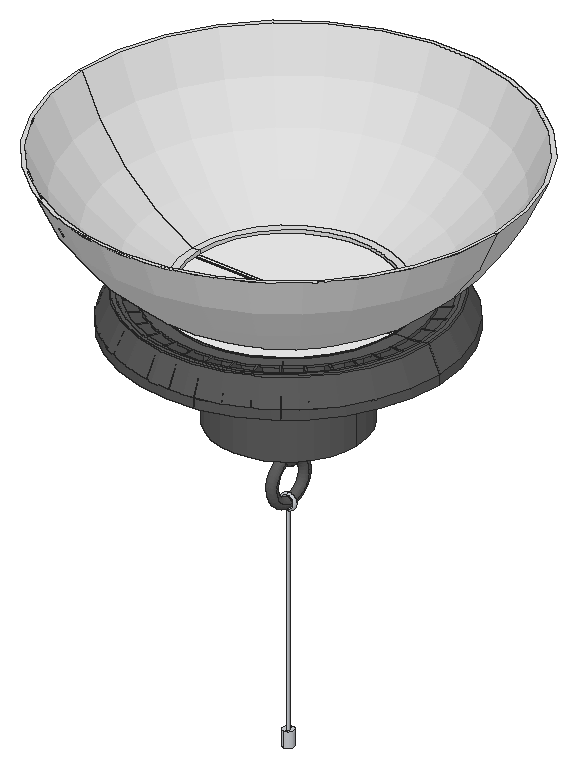
Revit family "0039348+0039356 Feilo Sylvania Lighting Fixture START HIGHBAY 4K 19KLM WIDE with ALU SHADE ALU COLOR FOR 13_19KLM", category Lighting Fixtures, host Face, Revit 2017
Family settings
  Host = Face
  Round Connector Dimension = Use Diameter
  Part Type = Normal
  OmniClass Number = 23.80.70.00
  OmniClass Title = Lighting
  Cut with Voids When Loaded = No
  Light Source = Yes
  Shared = No
  Room Calculation Point = No
Parameters (values of type "0039348+0039356 START HIGHBAY 4K 19KLM WIDE ALU SHADE ALU COLOR FOR 13/19KLM")
  WidthStraight_FEILO = if(SizeS_FEILO, 3 mm, if(SizeM_FEILO, 4 mm, 4.7 mm))  # 4 mm
  WidthRingChamfer_FEILO = if(SizeS_FEILO, 10.3 mm, if(SizeM_FEILO, 11.2 mm, 12.9 mm))  # 11.2 mm
  WidthCurved_FEILO = if(SizeS_FEILO, 17.4 mm, if(SizeM_FEILO, 16.4 mm, 26.2 mm))  # 16.4 mm
  WidthCurvedRing_FEILO = if(SizeS_FEILO, 3 mm, if(SizeM_FEILO, 4 mm, 4.7 mm))  # 4 mm
  WidthBracket_FEILO = 40 mm
  Weight = "3.4 kg"
  Wattage Comments = ""
  Wattage = 150 W
  WarrantyStartDate [instance] = "n/a"
  WarrantyGuarantorParts = "n/a"
  WarrantyDurationUnit = "n/a"
  WarrantyDurationParts = "n/a"
  WarrantyDescription = "n/a"
  built-in parameter 1150110 = 1 (stored number, unit not read)
  Voltage = 230 V
  VisibilityBracket_FEILO = no
  URL = "http://www.sylvania-lighting.com"
  TypeName = "START HIGHBAY 4K 19KLM WIDE ALU SHADE ALU COLOR FOR 13/19KLM"
  Type Image = <None>
  Type Comments = "n/a"
  built-in parameter 1114217 = 1 (stored number, unit not read)
  Tilt Angle = -90.00°
  ThicknessWall_FEILO = 1.5 mm
  ThicknessBracket_FEILO = 1.5 mm
  ThicknessBracketHalf_FEILO = ThicknessBracket_FEILO / 2  # 0.75 mm
  built-in parameter 1150109 = 1 (stored number, unit not read)
  built-in parameter 1150134 = 12
  SuspensionHeight_FEILO [instance] = 400 mm
  built-in parameter 1150113 = 1 (stored number, unit not read)
  SizeS_FEILO = no
  SizeM_FEILO = yes
  ShadeThickness_FEILO = 3 mm
  ShadeSizeSM_FEILO = or(SizeS_FEILO, SizeM_FEILO)  # yes
  ShadeRadiusOut_FEILO = 205 mm
  ShadeRadiusIn_FEILO = if(ShadeSizeSM_FEILO, 95 mm, 121 mm)  # 95 mm
  ShadeRadiusBend_FEILO = if(ShadeSizeSM_FEILO, 210 mm, 210 mm)  # 210 mm
  ShadeHeight_FEILO = if(ShadeSizeSM_FEILO, 120 mm, 151 mm)  # 120 mm
  SerialNumber [instance] = "n/a"
  Rib4_FEILO = if(SizeS_FEILO, 18.1 mm, if(SizeM_FEILO, 13.6 mm, 14.6 mm))  # 13.6 mm
  Rib3_FEILO = if(SizeS_FEILO, 15.3 mm, if(SizeM_FEILO, 17.6 mm, 20.2 mm))  # 17.6 mm
  Rib2_FEILO = if(SizeS_FEILO, 3.6 mm, if(SizeM_FEILO, 3.9 mm, 4.5 mm))  # 3.9 mm
  Rib1_FEILO = if(SizeS_FEILO, 15.1 mm, if(SizeM_FEILO, 16.5 mm, 19 mm))  # 16.5 mm
  RadiusDiffuser_FEILO = if(SizeS_FEILO, 95.2 mm, if(SizeM_FEILO, 105.3 mm, 120 mm))  # 105.3 mm
  RadiusArrayPost_FEILO = DriverRadius_FEILO - 6 mm  # 61.2 mm
  RHRadius3_FEILO = if(SizeS_FEILO, 6.6 mm, if(SizeM_FEILO, 7.4 mm, 8.6 mm))  # 7.4 mm
  RHRadius2_FEILO = if(SizeS_FEILO, 11 mm, if(SizeM_FEILO, 12 mm, 14 mm))  # 12 mm
  RHRadius1_FEILO = if(SizeS_FEILO, 13.6 mm, if(SizeM_FEILO, 14.9 mm, 17.7 mm))  # 14.9 mm
  RHHeight4_FEILO = if(SizeS_FEILO, 7.3 mm, if(SizeM_FEILO, 8 mm, 9.2 mm))  # 8 mm
  RHHeight3_FEILO = if(SizeS_FEILO, 3.6 mm, if(SizeM_FEILO, 3.7 mm, 4.6 mm))  # 3.7 mm
  RHHeight2_FEILO = if(SizeS_FEILO, 2 mm, if(SizeM_FEILO, 2.2 mm, 2.6 mm))  # 2.2 mm
  RHHeight1_FEILO = if(SizeS_FEILO, 11.8 mm, if(SizeM_FEILO, 15.3 mm, 17.4 mm))  # 15.3 mm
  Photometric Web File = "0039348+0039356.ies"
  Material_5_FEILO = Shade-Sylvania-StartHighbay-Alu
  Material_3_FEILO = LED-Sylvania-StartHighbay-Glow
  PowerFactor = 0.95
  PowerConsumption = "150 W"
  NominalLength = 296 mm
  NominalHeight = 177 mm
  NominalDepth = 296 mm
  Name = "START HIGHBAY 4K 19KLM WIDE ALU SHADE ALU COLOR FOR 13/19KLM"
  ModelReference = Name  # "START HIGHBAY 4K 19KLM WIDE ALU SHADE ALU COLOR FOR 13/19KLM"
  ModelNumber = "0039348+0039356"
  Model = Name  # "START HIGHBAY 4K 19KLM WIDE ALU SHADE ALU COLOR FOR 13/19KLM"
  Material = "aluminium alloy housing, polycarbonate diffuser"
  ManufacturerName = "Feilo Sylvania"
  Manufacturer = "Feilo Sylvania"
  LuminousEfficacy = "130 lm/W"
  built-in parameter 1150105 = 11152.5 (stored number, unit not read)
  Lumens = 19500 lm
  LuminaireType = ""
  built-in parameter 1150115 = 1 (stored number, unit not read)
  LightOutputRatio = "n/a"
  built-in parameter 1150137 = (empty or 0)
  built-in parameter 1150139 = (empty or 0)
  LampsType = Lamp  # "LED"
  LampNominalLuminous = "19500 lm"
  LampMacAdamStep = "n/a"
  LampColourTemperature = "4000 K"
  LampColourRenderingIndex = "80"
  built-in parameter 1150112 = 1 (stored number, unit not read)
  built-in parameter 1150114 = 1 (stored number, unit not read)
  Lamp = "LED"
  Keynote = "16500"
  InstallationDate [instance] = "n/a"
  InputVoltage = "220-240V~"
  InputNominalFrequency = "50/60 Hz"
  built-in parameter 1150132 = (empty or 0)
  built-in parameter 1150102 = (empty or 0)
  built-in parameter 1150107 = 4000 (stored number, unit not read)
  built-in parameter 1150138 = (empty or 0)
  IngressProtection = "IP65"
  ImpactProtectionIndex = "IK08"
  built-in parameter 1150106 = 111.52 (stored number, unit not read)
  IfcExportType = "IfcLightFixtureType"
  IfcExportAs = "IfcLightFixtureType"
  HeightRing_FEILO = if(SizeS_FEILO, 19.8 mm, if(SizeM_FEILO, 32 mm, 36.8 mm))  # 32 mm
  HeightRingChamfer_FEILO = if(SizeS_FEILO, 11.7 mm, if(SizeM_FEILO, 23.2 mm, 26.6 mm))  # 23.2 mm
  EyeThickness_FEILO = if(SizeS_FEILO, 8.4 mm, if(SizeM_FEILO, 9.2 mm, 10.5 mm))  # 9.2 mm
  EyeThicknessHalf_FEILO = EyeThickness_FEILO / 2  # 4.6 mm
  EyeInner_FEILO = if(SizeS_FEILO, 13.8 mm, if(SizeM_FEILO, 15.1 mm, 17.3 mm))  # 15.1 mm
  ExpectedLife = 50000
  Emit from Circle Diameter = RadiusDiffuser_FEILO * 2  # 210.6 mm
  Emit Shape Visible in Rendering = no
  ElectricShockClassification = "Class I"
  built-in parameter 1150104 = 12.077 (stored number, unit not read)
  DurationUnit = "hours"
  DriverVerticalStraight_FEILO = if(SizeS_FEILO, 46.5 mm, if(SizeM_FEILO, 49.7 mm, 57 mm))  # 49.7 mm
  DriverVerticalChamfer_FEILO = if(SizeS_FEILO, 7.5 mm, if(SizeM_FEILO, 8.2 mm, 9.5 mm))  # 8.2 mm
  DriverRadius_FEILO = if(SizeS_FEILO, 61.4 mm, if(SizeM_FEILO, 67.2 mm, 76.4 mm))  # 67.2 mm
  DriverRadiusTop_FEILO = if(SizeS_FEILO, 42 mm, if(SizeM_FEILO, 45.3 mm, 52.4 mm))  # 45.3 mm
  DriverBottom_FEILO = if(SizeS_FEILO, 56 mm, if(SizeM_FEILO, 64.5 mm, 74 mm))  # 64.5 mm
  DocumentationLiterature = "http://www.sylvania-lighting.com/product/en-int/products/0039348"
  DimmingControlOptions = "n/a"
  Material_2_FEILO = Diffuser-Sylvania-StartHighbay-Transparent
  Radius_FEILO = if(SizeS_FEILO, 135 mm, if(SizeM_FEILO, 148 mm, 169.5 mm))  # 148 mm
  Dimming Lamp Color Temperature Shift = <None>
  DiameterWire_FEILO = 3 mm
  DiameterWireSupport_FEILO = 10 mm
  Description = "START HIGHBAY, includes 1 m cables, black aluminium housing, 19500LM, 150W, 130lm/W, 4000K, Driver current: 3210mA, CR80, 90° beam angle, 1-10V dimmable,  IP65, IK08, 50,000 hrs (L70B50), (LxWxH) 296x296x177mm"
  Default Elevation = 1219.2 mm
  CreatedOn = "2/28/2018"
  CreatedBy = ""
  Cost = 0
  Color Filter = 16777215
  built-in parameter 1114216 [instance] = (empty or 0)
  ClassificationValue = "EF_70_80"
  ClassificationName = "Uniclass2015"
  Material_1_FEILO = Body-Sylvania-StartHighbay-Black
  BarCode [instance] = "n/a"
  built-in parameter 1114218 = 1 (stored number, unit not read)
  built-in parameter 1150133 = 10 (stored number, unit not read)
  AssetType = "Fixed"
  AssetIdentifier [instance] = "n/a"
  Assembly Code = "D5020200"
  Apparent Load = 150 VA
  Material_4_FEILO = Shade-Sylvania-StartHighbay-Alu
Reference planes
  plane 1 "Center (Front/Back)": y = 0
  plane 2: z = 0
  plane 3 "Center (Left/Right)": x = 0
  plane 4: z = 400
  plane 5: x = -148
  plane 6: x = -136.8
  plane 7: z = 376.8
  plane 8: z = 368
  plane 9: x = -132.8
  plane 10: z = 397.375
  plane 11: x = -116.4
  plane 12: x = -105.3
  plane 13: x = -128.8
  plane 14: z = 398.375
  plane 15: z = 396.375
  plane 16: x = -102.3
  plane 17: z = 395.375
  plane 18: x = -146.5
  plane 19: x = -131.5
  plane 20: z = 364.1
  plane 21: x = -113.9
  plane 22: z = 350.5
  plane 23: x = -20
  plane 24: z = 335.5
  plane 25: x = -67.2
  plane 26: z = 285.8
  plane 27: x = -45.3
  plane 28: z = 277.6
  plane 29: x = -14.9
  plane 30: z = 262.3
  plane 31: z = 260.1
  plane 32: x = -12
  plane 33: z = 256.4
  plane 34: z = 248.4
  plane 35: x = -7.4
  plane 36: z = 233.3
  plane 37: z = 218.2
  plane 38: x = 4.6
  plane 39: x = -4.6
  plane 40: z = 209
  plane 41: z = 213.6
  plane 42: x = -141.65
  plane 43: x = -145.5
  plane 44: z = 366.5
  plane 45: x = -135.3
  plane 46: z = 310.65
  plane 47: y = -20
  plane 48: y = 20
  plane 49: x = 148
  plane 50: x = 136.8
  plane 51: x = 146.5
  plane 52: x = 141.65
  plane 53: x = 145.5
  plane 54: x = 135.3
  plane 55: z = 221.2
  plane 56: y = 1.5
  plane 57: y = -1.5
  plane 58: z = 219.7
  plane 59: z = 207.5
  plane 60: z = 206
  plane 61: y = -5
  plane 62: y = 5
  plane 63: z = 14
  plane 64: x = -205
  plane 65: z = 520
  plane 66: x = -95
  plane 67: x = -87
  plane 68: x = -202
  plane 69: z = 403
Forms (mm)
  Revolve 1, solid, material "Body-Sylvania-StartHighbay-Black" <- "Material_1_FEILO", detail levels medium+fine
    sketch origin (0, 0, 0) x (1, 0, 0) y (0, 0, 1)
      loop
        line (-148, 368) -> (-146.5, 368) -> (-146.5, 376.457) -> (-136.402, 397.375) -> (-128.8, 397.375) -> (-128.8, 398.859)
        arc (-128.8, 398.859) -> (-130.811, 399.39) -> (-132.8, 400) r 52.543
        line (-132.8, 400) -> (-136.341, 400)
        arc (-136.341, 400) -> (-136.831, 399.825) -> (-137.099, 399.38) r 0.774
        line (-137.099, 399.38) -> (-148, 376.8) -> (-148, 368)
      axis (0, 400) -> (0, 368)
    angle from 360 to 0
  Revolve 2, solid, material "Body-Sylvania-StartHighbay-Black" <- "Material_1_FEILO", detail levels medium+fine
    sketch origin (0, 0, 0) x (1, 0, 0) y (0, 0, 1)
      loop
        line (-116.4, 395.375) -> (-105.3, 395.375) -> (-105.3, 376.8) -> (0, 376.8) -> (0, 395.375) -> (-102.3, 395.375) -> (-102.3, 396.375) -> (-105.3, 396.375) -> (-105.3, 397.375) -> (-116.4, 397.375) -> (-116.4, 395.375)
      axis (0, 397.375) -> (0, 376.8)
    angle from 360 to 0
  Revolve 3, solid, material "Diffuser-Sylvania-StartHighbay-Transparent" <- "Material_2_FEILO", detail levels medium+fine
    sketch origin (0, 0, 0) x (1, 0, 0) y (0, 0, 1)
      loop
        line (-105.3, 396.375) -> (0, 396.375) -> (0, 398.375) -> (-105.3, 398.375) -> (-105.3, 396.375)
      axis (0, 398.375) -> (0, 396.375)
    angle from 360 to 0
  Revolve 4, solid, material "Body-Sylvania-StartHighbay-Black" <- "Material_1_FEILO"
    sketch origin (0, 0, 0) x (1, 0, 0) y (0, 0, 1)
      loop
        line (-67.2, 350.5) -> (-67.2, 285.8) -> (-45.3, 277.6) -> (-14.9, 277.6) -> (-14.9, 262.3) -> (-12, 260.1) -> (-12, 256.4) -> (-7.837, 249.126)
        arc (-7.837, 249.126) -> (-7.29, 248.594) -> (-6.553, 248.4) r 1.5
        line (-6.553, 248.4) -> (0, 248.4) -> (0, 350.5) -> (-67.2, 350.5)
      axis (0, 350.5) -> (0, 248.4)
    angle from 360 to 0
  Revolve 5, solid, material "Body-Sylvania-StartHighbay-Black" <- "Material_1_FEILO"
    sketch origin (0, 0, 0) x (1, 0, 0) y (0, 0, 1)
      loop
        circle (0, 213.6) r 4.6
      axis (4.6, 233.3) -> (-4.6, 233.3)
    angle from 360 to 0
  Extrusion 6, solid, material "Body-Sylvania-StartHighbay-Black" <- "Material_1_FEILO", visible <- "VisibilityBracket_FEILO"
    sketch origin (0, 0, 0) x (1, 0, 0) y (0, 0, 1)
      loop
        line (-145.5, 368) -> (-145.5, 366.5) -> (-137.55, 366.5)
        arc (-137.55, 366.5) -> (-137.02, 366.28) -> (-136.8, 365.75) r 0.75
        line (-136.8, 365.75) -> (-136.8, 310.65) -> (-135.3, 310.65) -> (-135.3, 366.5)
        arc (-135.3, 366.5) -> (-135.739, 367.561) -> (-136.8, 368) r 1.5
        line (-136.8, 368) -> (-145.5, 368)
      loop
        line (145.5, 368) -> (136.8, 368)
        arc (136.8, 368) -> (135.739, 367.561) -> (135.3, 366.5) r 1.5
        line (135.3, 366.5) -> (135.3, 310.65) -> (136.8, 310.65) -> (136.8, 365.75)
        arc (136.8, 365.75) -> (137.02, 366.28) -> (137.55, 366.5) r 0.75
        line (137.55, 366.5) -> (145.5, 366.5) -> (145.5, 368)
    from -20 to 20
  Extrusion 7, void
    sketch origin (0, 0, 0) x (0, 1, 0) y (0, 0, 1)
      loop
        arc (-10, 310.65) -> (-17.071, 313.579) -> (-20, 320.65) r 10
        line (-20, 320.65) -> (-25, 320.65) -> (-25, 305.65) -> (-10, 305.65) -> (-10, 310.65)
      loop
        line (10, 310.65) -> (10, 305.65) -> (25, 305.65) -> (25, 320.65) -> (20, 320.65)
        arc (20, 320.65) -> (17.071, 313.579) -> (10, 310.65) r 10
    from -136.8 to 136.8
  Revolve 8, solid, material "Body-Sylvania-StartHighbay-Black" <- "Material_1_FEILO", detail levels coarse
    sketch origin (0, 0, 0) x (1, 0, 0) y (0, 0, 1)
      loop
        line (0, 400) -> (-136.8, 400) -> (-148, 376.8) -> (-148, 368) -> (-131.5, 368) -> (-131.5, 364.1) -> (-113.9, 350.5) -> (0, 350.5) -> (0, 400)
      axis (0, 400) -> (0, 350.5)
    angle from 360 to 0
  Revolve 9, solid
    sketch origin (0, 0, 0) x (0, 1, 0) y (0, 0, 1)
      loop
        circle (0, 219.7) r 1.5
      axis (1.5, 213.6) -> (-1.5, 213.6)
    angle from 360 to 0
  Revolve 10, solid
    sketch origin (0, 0, 0) x (0, 1, 0) y (0, 0, 1)
      loop
        line (0, 0) -> (0, 207.5) -> (-1.5, 207.5) -> (-1.5, 14) -> (-5, 14) -> (-5, 0) -> (0, 0)
      axis (0, 0) -> (0, 207.5)
    angle from 360 to 0
  Revolve 11, solid, material "Shade-Sylvania-StartHighbay-Alu" <- "Material_4_FEILO"
    sketch origin (0, 0, 0) x (1, 0, 0) y (0, 0, 1)
      loop
        line (-95, 400) -> (-87, 400) -> (-87, 403) -> (-94.341, 403)
        arc (-94.341, 403) -> (-159.747, 450.78) -> (-201.81, 520) r 207
        line (-201.81, 520) -> (-205, 520)
        arc (-205, 520) -> (-162.101, 448.908) -> (-95, 400) r 210
      axis (0, 520) -> (0, 400)
    angle from 360 to 0
Cuts and joins
  Extrusion 7 cuts Extrusion 6
Lines and regions (mm)
  reference lines
    curve 1: line (-148, 0, 376.8) -> (-136.8, 0, 400)
    curve 2: line (-116.4, 0, 397.375) -> (0, 0, 397.375)
    curve 3: arc (-116.4, 0, 397.375) -> (-124.704, 0, 398.035) -> (-132.8, 0, 400) r 52.543
    curve 4: line (-136.8, 0, 400) -> (-132.8, 0, 400)
    curve 5: line (-136.402, 0, 397.375) -> (-146.5, 0, 376.457)
    curve 6: line (-131.5, 0, 364.1) -> (-113.9, 0, 350.5)
    curve 7: line (-12, 0, 256.4) -> (-7.4, 0, 248.4)
    curve 8: circle (0, 0, 213.6) r 4.6 normal (0, -1, 0)
    curve 9: arc (-95, 0, 400) -> (-162.101, 0, 448.908) -> (-205, 0, 520) r 210
Dimensions and locks
  "Radius_FEILO": plane 3 "Center (Left/Right)" to plane 5
  "WidthRingChamfer_FEILO": plane 6 to plane 5
  "WidthStraight_FEILO": plane 9 to plane 6
  "WidthCurvedRing_FEILO": plane 13 to plane 9
  locked: plane 10 to plane 15 at 1
  locked: plane 14 to plane 10 at 1
  locked: plane 4 to plane 10 at 2.625
  locked: plane 15 to plane 17 at 1
  "ThicknessWall_FEILO": plane 18 to plane 5
  "ThicknessWall_FEILO": curve 5 to curve 1
  "HeightRingChamfer_FEILO": plane 4 to plane 7
  "HeightRing_FEILO": plane 4 to plane 8
  "RadiusDiffuser_FEILO": plane 3 "Center (Left/Right)" to plane 12
  locked: plane 16 to plane 12 at 3
  "WidthCurved_FEILO": plane 11 to plane 9
  "SuspensionHeight_FEILO": plane 4 to plane 2
  "Rib1_FEILO": plane 19 to plane 5
  "Rib2_FEILO": plane 8 to plane 20
  "Rib3_FEILO": plane 21 to plane 19
  "Rib4_FEILO": plane 20 to plane 22
  locked: plane 3 "Center (Left/Right)" to plane 23 at 20
  "DriverBottom_FEILO": plane 4 to plane 24
  "DriverRadius_FEILO": plane 3 "Center (Left/Right)" to plane 25
  "DriverVerticalStraight_FEILO": plane 24 to plane 26
  "DriverRadiusTop_FEILO": plane 3 "Center (Left/Right)" to plane 27
  "DriverVerticalChamfer_FEILO": plane 26 to plane 28
  "RHRadius1_FEILO": plane 3 "Center (Left/Right)" to plane 29
  "RHHeight2_FEILO": plane 30 to plane 31
  "RHRadius2_FEILO": plane 3 "Center (Left/Right)" to plane 32
  "RHHeight3_FEILO": plane 31 to plane 33
  "RHHeight4_FEILO": plane 33 to plane 34
  "RHRadius3_FEILO": plane 3 "Center (Left/Right)" to plane 35
  "RHHeight1_FEILO": plane 28 to plane 30
  "EyeInner_FEILO": plane 34 to plane 36
  "EyeInner_FEILO": plane 36 to plane 37
  equal spacing: plane 38, plane 3 "Center (Left/Right)", plane 39
  "EyeThickness_FEILO": plane 38 to plane 39
  "EyeThickness_FEILO": plane 37 to plane 40
  equal spacing: plane 37, plane 41, plane 40
  equal spacing: plane 6, plane 42, plane 18
  "ThicknessBracket_FEILO": plane 45 to plane 6
  "ThicknessBracket_FEILO": plane 8 to plane 44
  locked: plane 43 to plane 18 at 1
  equal spacing: plane 24, plane 46, plane 26
  equal spacing: plane 47, plane 1 "Center (Front/Back)", plane 48
  "WidthBracket_FEILO": plane 47 to plane 48
  "WidthRingChamfer_FEILO": plane 50 to plane 49
  "ThicknessWall_FEILO": plane 51 to plane 49
  equal spacing: plane 50, plane 52, plane 51
  "ThicknessBracket_FEILO": plane 54 to plane 50
  locked: plane 53 to plane 51 at 1
  "Radius_FEILO": plane 49 to plane 3 "Center (Left/Right)"
  equal spacing: plane 57, imposter light, plane 56
  "DiameterWire_FEILO": plane 57 to plane 56
  "DiameterWire_FEILO": plane 37 to plane 55
  equal spacing: plane 37, plane 58, plane 55
  "DiameterWire_FEILO": plane 60 to plane 40
  equal spacing: plane 60, plane 59, plane 40
  equal spacing: plane 61, plane 1 "Center (Front/Back)", plane 62
  "DiameterWireSupport_FEILO": plane 61 to plane 62
  locked: plane 63 to plane 2 at 14
  "ShadeRadiusOut_FEILO": plane 3 "Center (Left/Right)" to plane 64
  "ShadeHeight_FEILO": plane 65 to plane 4
  "ShadeRadiusIn_FEILO": plane 3 "Center (Left/Right)" to plane 66
  locked: plane 67 to plane 66 at 8
  "ShadeThickness_FEILO": plane 69 to plane 4
  "ShadeThickness_FEILO": plane 68 to plane 64
  "EyeThicknessHalf_FEILO": radius of curve 8
  "ThicknessBracket_FEILO": radius of Extrusion 6 sketch curve  (x2)
  "ThicknessBracketHalf_FEILO": radius of Extrusion 6 sketch curve  (x2)
  "DiameterWire_FEILO": diameter of Revolve 9 sketch curve
  "ShadeRadiusBend_FEILO": radius of curve 9
  aligned and locked: plane 2 to host face
  aligned and locked: level to host face
  aligned and locked: plane 5 to curve 1
  aligned and locked: plane 6 to curve 1
  aligned and locked: plane 7 to curve 1
  aligned and locked: plane 10 to curve 2
  aligned and locked: plane 9 to curve 3
  aligned and locked: plane 4 to curve 3
  aligned and locked: plane 11 to curve 3
  aligned and locked: plane 4 to curve 4
  aligned and locked: plane 18 to curve 5
  aligned and locked: plane 10 to curve 5
  aligned and locked: Revolve 1 sketch curve to plane 3 "Center (Left/Right)"
  aligned and locked: Revolve 1 sketch curve to curve 3
  aligned and locked: Revolve 1 sketch curve to curve 1
  aligned and locked: plane 4 to Revolve 1 sketch curve
  aligned and locked: plane 9 to Revolve 1 sketch curve
  aligned and locked: Revolve 1 sketch curve to plane 13
  aligned and locked: Revolve 1 sketch curve to plane 10
  aligned and locked: plane 13 to Revolve 1 sketch curve
  aligned and locked: plane 10 to Revolve 1 sketch curve
  aligned and locked: Revolve 1 sketch curve to plane 18
  aligned and locked: Revolve 1 sketch curve to plane 8
  aligned and locked: plane 5 to Revolve 1 sketch curve  (x2)
  aligned and locked: Revolve 2 sketch curve to plane 3 "Center (Left/Right)"
  aligned and locked: plane 11 to Revolve 2 sketch curve
  aligned and locked: Revolve 2 sketch curve to curve 2
  aligned and locked: plane 15 to Revolve 2 sketch curve
  aligned and locked: Revolve 2 sketch curve to plane 16
  aligned and locked: plane 17 to Revolve 2 sketch curve  (x2)
  aligned and locked: Revolve 2 sketch curve to plane 12
  aligned and locked: plane 7 to Revolve 2 sketch curve
  aligned and locked: Revolve 3 sketch curve to plane 3 "Center (Left/Right)"
  aligned and locked: Revolve 3 sketch curve to plane 14
  aligned and locked: plane 3 "Center (Left/Right)" to Revolve 3 sketch curve
  aligned and locked: Revolve 3 sketch curve to plane 12
  aligned and locked: plane 15 to Revolve 3 sketch curve
  aligned and locked: Revolve 1 sketch curve to curve 5
  aligned and locked: plane 22 to curve 6
  aligned and locked: plane 21 to curve 6
  aligned and locked: plane 20 to curve 6
  aligned and locked: plane 19 to curve 6
  aligned and locked: plane 33 to curve 7
  aligned and locked: plane 32 to curve 7
  aligned and locked: plane 35 to curve 7
  aligned and locked: plane 34 to curve 7
  aligned and locked: Revolve 4 sketch curve to plane 3 "Center (Left/Right)"
  aligned and locked: Revolve 4 sketch curve to plane 25
  aligned and locked: plane 27 to Revolve 4 sketch curve
  aligned and locked: plane 28 to Revolve 4 sketch curve
  aligned and locked: plane 30 to Revolve 4 sketch curve
  aligned and locked: Revolve 4 sketch curve to plane 29
  aligned and locked: plane 31 to Revolve 4 sketch curve
  aligned and locked: Revolve 4 sketch curve to curve 7
  aligned and locked: Revolve 4 sketch curve to plane 32
  aligned and locked: plane 34 to Revolve 4 sketch curve
  aligned and locked: plane 3 "Center (Left/Right)" to Revolve 4 sketch curve
  aligned and locked: plane 3 "Center (Left/Right)" to curve 8
  aligned and locked: plane 41 to curve 8
  aligned and locked: Revolve 5 sketch curve to plane 36
  aligned and locked: Revolve 5 sketch curve to curve 8
  aligned and locked: plane 43 to Extrusion 6 sketch curve  (x2)
  aligned and locked: plane 8 to Extrusion 6 sketch curve  (x3)
  aligned and locked: Extrusion 6 sketch curve to plane 45
  aligned and locked: Extrusion 6 sketch curve to plane 46  (x2)
  aligned and locked: plane 6 to Extrusion 6 sketch curve
  aligned and locked: Extrusion 6 sketch curve to plane 44  (x2)
  aligned and locked: Extrusion 6 to plane 48
  aligned and locked: plane 47 to Extrusion 6
  aligned and locked: plane 53 to Extrusion 6 sketch curve
  aligned and locked: plane 50 to Extrusion 6 sketch curve
  aligned and locked: Extrusion 6 sketch curve to plane 54
  aligned and locked: Extrusion 7 sketch curve to Extrusion 7 sketch curve
  aligned and locked: Extrusion 7 to plane 6
  aligned and locked: Extrusion 7 to Extrusion 6
  aligned and locked: Revolve 4 sketch curve to plane 22
  aligned and locked: plane 23 to nested 1
  aligned and locked: plane 1 "Center (Front/Back)" to nested 1
  aligned and locked: Revolve 8 sketch curve to plane 3 "Center (Left/Right)"
  aligned and locked: Revolve 8 sketch curve to plane 4
  aligned and locked: plane 6 to Revolve 8 sketch curve
  aligned and locked: plane 4 to Revolve 8 sketch curve
  aligned and locked: plane 7 to Revolve 8 sketch curve
  aligned and locked: Revolve 8 sketch curve to plane 5
  aligned and locked: plane 8 to Revolve 8 sketch curve  (x2)
  aligned and locked: Revolve 8 sketch curve to plane 19
  aligned and locked: plane 20 to Revolve 8 sketch curve
  aligned and locked: plane 19 to Revolve 8 sketch curve
  aligned and locked: plane 21 to Revolve 8 sketch curve
  aligned and locked: plane 22 to Revolve 8 sketch curve  (x2)
  aligned and locked: Revolve 8 sketch curve to Revolve 8 sketch curve
  aligned and locked: imposter light to plane 4
  aligned and locked: plane 3 "Center (Left/Right)" to imposter light
  aligned and locked: imposter light to plane 1 "Center (Front/Back)"
  aligned and locked: Revolve 9 sketch curve to plane 41
  aligned and locked: Revolve 10 sketch curve to plane 1 "Center (Front/Back)"
  aligned and locked: plane 1 "Center (Front/Back)" to Revolve 10 sketch curve  (x2)
  aligned and locked: host face to Revolve 10 sketch curve
  aligned and locked: plane 63 to Revolve 10 sketch curve
  aligned and locked: Revolve 10 sketch curve to plane 61
  aligned and locked: Revolve 10 sketch curve to plane 57
  aligned and locked: plane 59 to Revolve 10 sketch curve
  aligned and locked: plane 64 to curve 9
  aligned and locked: plane 65 to curve 9
  aligned and locked: plane 66 to curve 9
  aligned and locked: plane 4 to curve 9
  aligned and locked: Revolve 11 sketch curve to curve 9
  aligned and locked: plane 67 to Revolve 11 sketch curve
  aligned and locked: plane 66 to Revolve 11 sketch curve
  aligned and locked: plane 65 to Revolve 11 sketch curve  (x2)
  aligned and locked: Revolve 11 sketch curve to plane 67
  aligned and locked: plane 69 to Revolve 11 sketch curve
Automatic sketch dimensions
  host sketch curve to host sketch curve = 2438.4 mm  (x2)
  Revolve 1 sketch curve to plane 6 = 0.299 mm
  plane 6 to Revolve 1 sketch curve = 0.459 mm
  Revolve 1 sketch curve to level = 609.6 mm
  Revolve 1 sketch curve to Revolve 1 sketch curve = 2312.223 mm
  Revolve 2 sketch curve to plane 12 = 0 mm
  Revolve 2 sketch curve to plane 3 "Center (Left/Right)" = 0 mm
  Revolve 2 sketch curve to level = 609.6 mm
  Revolve 2 sketch curve to plane 4 = 2339.058 mm
  Revolve 3 sketch curve to level = 609.6 mm
  Revolve 3 sketch curve to plane 4 = 2339.058 mm
  Revolve 5 sketch curve to plane 5 = 1080 mm
  plane 38 to Revolve 5 sketch curve = 1219.2 mm
  Extrusion 7 sketch curve to plane 47 = 0 mm
  plane 46 to Extrusion 7 sketch curve = 0 mm  (x2)
  Extrusion 7 sketch curve to plane 48 = 0 mm
  plane 47 to Extrusion 7 sketch curve = 5 mm
  plane 1 "Center (Front/Back)" to Extrusion 7 sketch curve = 10 mm
  Extrusion 7 sketch curve to Extrusion 7 sketch curve = 10 mm
  plane 46 to Extrusion 7 sketch curve = 5 mm
  Extrusion 7 sketch curve to Extrusion 7 sketch curve = 5 mm
  Extrusion 7 sketch curve to plane 48 = 5 mm
  Revolve 4 sketch curve to plane 26 = 0 mm
  Revolve 4 sketch curve to plane 35 = 0.437 mm
  plane 35 to Revolve 4 sketch curve = 0.847 mm
  Revolve 4 sketch curve to plane 34 = 0.726 mm
  plane 40 to Revolve 4 sketch curve = 590.2 mm
  Revolve 4 sketch curve to plane 4 = 2339.058 mm
  Revolve 8 sketch curve to level = 609.6 mm
  Revolve 8 sketch curve to Revolve 8 sketch curve = 2386.058 mm
  Revolve 9 sketch curve to plane 1 "Center (Front/Back)" = 0 mm
  plane 58 to Revolve 9 sketch curve = 0 mm
  plane 47 to Revolve 9 sketch curve = 2534.941 mm
  Revolve 9 sketch curve to plane 48 = 2077.409 mm
  Revolve 10 sketch curve to Revolve 10 sketch curve = 609.6 mm
  Revolve 10 sketch curve to plane 4 = 2123.807 mm
  curve 2 to plane 3 "Center (Left/Right)" = 0 mm
  Revolve 11 sketch curve to Revolve 11 sketch curve = 0 mm  (x2)
  Revolve 11 sketch curve to plane 3 "Center (Left/Right)" = 0 mm
  plane 66 to Revolve 11 sketch curve = 0.659 mm
  Revolve 11 sketch curve to level = 609.6 mm
  Revolve 11 sketch curve to Revolve 11 sketch curve = 2068.248 mm
Nested families
  nested 1: "Start Highbay Rib" at (0, 0, 397.375), type "Type Name", detail levels medium+fine
    with SuspensionHeight_FEILO 2.6 mm
  nested 2: "Start Highbay Rib" at (0, 0, 397.375) x (0.9877, 0.1564, 0) z (0, 0, 1), type "Type Name", detail levels medium+fine
    with SuspensionHeight_FEILO 2.6 mm
  nested 3: "Start Highbay Rib" at (0, 0, 397.375) x (0.9511, 0.309, 0) z (0, 0, 1), type "Type Name", detail levels medium+fine
    with SuspensionHeight_FEILO 2.6 mm
  nested 4: "Start Highbay Rib" at (0, 0, 397.375) x (0.891, 0.454, 0) z (0, 0, 1), type "Type Name", detail levels medium+fine
    with SuspensionHeight_FEILO 2.6 mm
  nested 5: "Start Highbay Rib" at (0, 0, 397.375) x (0.809, 0.5878, 0) z (0, 0, 1), type "Type Name", detail levels medium+fine
    with SuspensionHeight_FEILO 2.6 mm
  nested 6: "Start Highbay Rib" at (0, 0, 397.375) x (0.7071, 0.7071, 0) z (0, 0, 1), type "Type Name", detail levels medium+fine
    with SuspensionHeight_FEILO 2.6 mm
  nested 7: "Start Highbay Rib" at (0, 0, 397.375) x (0.5878, 0.809, 0) z (0, 0, 1), type "Type Name", detail levels medium+fine
    with SuspensionHeight_FEILO 2.6 mm
  nested 8: "Start Highbay Rib" at (0, 0, 397.375) x (0.454, 0.891, 0) z (0, 0, 1), type "Type Name", detail levels medium+fine
    with SuspensionHeight_FEILO 2.6 mm
  nested 9: "Start Highbay Rib" at (0, 0, 397.375) x (0.309, 0.9511, 0) z (0, 0, 1), type "Type Name", detail levels medium+fine
    with SuspensionHeight_FEILO 2.6 mm
  nested 10: "Start Highbay Rib" at (0, 0, 397.375) x (0.1564, 0.9877, 0) z (0, 0, 1), type "Type Name", detail levels medium+fine
    with SuspensionHeight_FEILO 2.6 mm
  nested 11: "Start Highbay Rib" at (0, 0, 397.375) x (0, 1, 0) z (0, 0, 1), type "Type Name", detail levels medium+fine
    with SuspensionHeight_FEILO 2.6 mm
  nested 12: "Start Highbay Rib" at (0, 0, 397.375) x (-0.1564, 0.9877, 0) z (0, 0, 1), type "Type Name", detail levels medium+fine
    with SuspensionHeight_FEILO 2.6 mm
  nested 13: "Start Highbay Rib" at (0, 0, 397.375) x (-0.309, 0.9511, 0) z (0, 0, 1), type "Type Name", detail levels medium+fine
    with SuspensionHeight_FEILO 2.6 mm
  nested 14: "Start Highbay Rib" at (0, 0, 397.375) x (-0.454, 0.891, 0) z (0, 0, 1), type "Type Name", detail levels medium+fine
    with SuspensionHeight_FEILO 2.6 mm
  nested 15: "Start Highbay Rib" at (0, 0, 397.375) x (-0.5878, 0.809, 0) z (0, 0, 1), type "Type Name", detail levels medium+fine
    with SuspensionHeight_FEILO 2.6 mm
  nested 16: "Start Highbay Rib" at (0, 0, 397.375) x (-0.7071, 0.7071, 0) z (0, 0, 1), type "Type Name", detail levels medium+fine
    with SuspensionHeight_FEILO 2.6 mm
  nested 17: "Start Highbay Rib" at (0, 0, 397.375) x (-0.809, 0.5878, 0) z (0, 0, 1), type "Type Name", detail levels medium+fine
    with SuspensionHeight_FEILO 2.6 mm
  nested 18: "Start Highbay Rib" at (0, 0, 397.375) x (-0.891, 0.454, 0) z (0, 0, 1), type "Type Name", detail levels medium+fine
    with SuspensionHeight_FEILO 2.6 mm
  nested 19: "Start Highbay Rib" at (0, 0, 397.375) x (-0.9511, 0.309, 0) z (0, 0, 1), type "Type Name", detail levels medium+fine
    with SuspensionHeight_FEILO 2.6 mm
  nested 20: "Start Highbay Rib" at (0, 0, 397.375) x (-0.9877, 0.1564, 0) z (0, 0, 1), type "Type Name", detail levels medium+fine
    with SuspensionHeight_FEILO 2.6 mm
  nested 21: "Start Highbay Rib" at (0, 0, 397.375) x (-1, 0, 0) z (0, 0, 1), type "Type Name", detail levels medium+fine
    with SuspensionHeight_FEILO 2.6 mm
  nested 22: "Start Highbay Rib" at (0, 0, 397.375) x (-0.9877, -0.1564, 0) z (0, 0, 1), type "Type Name", detail levels medium+fine
    with SuspensionHeight_FEILO 2.6 mm
  nested 23: "Start Highbay Rib" at (0, 0, 397.375) x (-0.9511, -0.309, 0) z (0, 0, 1), type "Type Name", detail levels medium+fine
    with SuspensionHeight_FEILO 2.6 mm
  nested 24: "Start Highbay Rib" at (0, 0, 397.375) x (-0.891, -0.454, 0) z (0, 0, 1), type "Type Name", detail levels medium+fine
    with SuspensionHeight_FEILO 2.6 mm
  nested 25: "Start Highbay Rib" at (0, 0, 397.375) x (-0.809, -0.5878, 0) z (0, 0, 1), type "Type Name", detail levels medium+fine
    with SuspensionHeight_FEILO 2.6 mm
  nested 26: "Start Highbay Rib" at (0, 0, 397.375) x (-0.7071, -0.7071, 0) z (0, 0, 1), type "Type Name", detail levels medium+fine
    with SuspensionHeight_FEILO 2.6 mm
  nested 27: "Start Highbay Rib" at (0, 0, 397.375) x (-0.5878, -0.809, 0) z (0, 0, 1), type "Type Name", detail levels medium+fine
    with SuspensionHeight_FEILO 2.6 mm
  nested 28: "Start Highbay Rib" at (0, 0, 397.375) x (-0.454, -0.891, 0) z (0, 0, 1), type "Type Name", detail levels medium+fine
    with SuspensionHeight_FEILO 2.6 mm
  nested 29: "Start Highbay Rib" at (0, 0, 397.375) x (-0.309, -0.9511, 0) z (0, 0, 1), type "Type Name", detail levels medium+fine
    with SuspensionHeight_FEILO 2.6 mm
  nested 30: "Start Highbay Rib" at (0, 0, 397.375) x (-0.1564, -0.9877, 0) z (0, 0, 1), type "Type Name", detail levels medium+fine
    with SuspensionHeight_FEILO 2.6 mm
  nested 31: "Start Highbay Rib" at (0, 0, 397.375) x (0, -1, 0) z (0, 0, 1), type "Type Name", detail levels medium+fine
    with SuspensionHeight_FEILO 2.6 mm
  nested 32: "Start Highbay Rib" at (0, 0, 397.375) x (0.1564, -0.9877, 0) z (0, 0, 1), type "Type Name", detail levels medium+fine
    with SuspensionHeight_FEILO 2.6 mm
  nested 33: "Start Highbay Rib" at (0, 0, 397.375) x (0.309, -0.9511, 0) z (0, 0, 1), type "Type Name", detail levels medium+fine
    with SuspensionHeight_FEILO 2.6 mm
  nested 34: "Start Highbay Rib" at (0, 0, 397.375) x (0.454, -0.891, 0) z (0, 0, 1), type "Type Name", detail levels medium+fine
    with SuspensionHeight_FEILO 2.6 mm
  nested 35: "Start Highbay Rib" at (0, 0, 397.375) x (0.5878, -0.809, 0) z (0, 0, 1), type "Type Name", detail levels medium+fine
    with SuspensionHeight_FEILO 2.6 mm
  nested 36: "Start Highbay Rib" at (0, 0, 397.375) x (0.7071, -0.7071, 0) z (0, 0, 1), type "Type Name", detail levels medium+fine
    with SuspensionHeight_FEILO 2.6 mm
  nested 37: "Start Highbay Rib" at (0, 0, 397.375) x (0.809, -0.5878, 0) z (0, 0, 1), type "Type Name", detail levels medium+fine
    with SuspensionHeight_FEILO 2.6 mm
  nested 38: "Start Highbay Rib" at (0, 0, 397.375) x (0.891, -0.454, 0) z (0, 0, 1), type "Type Name", detail levels medium+fine
    with SuspensionHeight_FEILO 2.6 mm
  nested 39: "Start Highbay Rib" at (0, 0, 397.375) x (0.9511, -0.309, 0) z (0, 0, 1), type "Type Name", detail levels medium+fine
    with SuspensionHeight_FEILO 2.6 mm
  nested 40: "Start Highbay Rib" at (0, 0, 397.375) x (0.9877, -0.1564, 0) z (0, 0, 1), type "Type Name", detail levels medium+fine
    with SuspensionHeight_FEILO 2.6 mm
Connectors
  electrical at (0, 0, 0), driven by "Apparent Load", driven by "PowerFactor", driven by "Voltage"
    settings: index 1, voltage 230 V, apparent load 150 VA, apparent load phase1 0 VA, apparent load phase2 0 VA, apparent load phase3 0 VA, power factor 0.95, load classification "Lighting", number of poles 1, system type 30, power factor state 1, is connector primary yes, connector utility no, sub classification motor no, connector description ""
Definition of nested family "Start Highbay Rib"
  Parameters (values of type "Type Name")
    WidthStraight_FEILO = if(SizeS_FEILO, 3 mm, if(SizeM_FEILO, 4 mm, 4.7 mm))  # 3 mm
    WidthRingChamfer_FEILO = if(SizeS_FEILO, 10.3 mm, if(SizeM_FEILO, 11.2 mm, 12.9 mm))  # 10.3 mm
    WidthCurved_FEILO = if(SizeS_FEILO, 17.4 mm, if(SizeM_FEILO, 16.4 mm, 26.2 mm))  # 17.4 mm
    WidthCurvedRing_FEILO = if(SizeS_FEILO, 3 mm, if(SizeM_FEILO, 4 mm, 4.7 mm))  # 3 mm
    WidthBracket_FEILO = 40 mm
    URL = "http://www.feilosylvania.com"
    Type Image = (empty or 0)
    Type Comments = "n/a"
    ThicknessWall_FEILO = 1.5 mm
    ThicknessBracket_FEILO = 1.5 mm
    ThicknessBracketHalf_FEILO = ThicknessBracket_FEILO / 2  # 0.75 mm
    SuspensionHeight_FEILO [instance] = 2.6 mm
    SizeS_FEILO = yes
    SizeM_FEILO = no
    Rib4_FEILO = if(SizeS_FEILO, 18.1 mm, if(SizeM_FEILO, 13.6 mm, 14.6 mm))  # 18.1 mm
    Rib3_FEILO = if(SizeS_FEILO, 15.3 mm, if(SizeM_FEILO, 17.6 mm, 20.2 mm))  # 15.3 mm
    Rib2_FEILO = if(SizeS_FEILO, 3.6 mm, if(SizeM_FEILO, 3.9 mm, 4.5 mm))  # 3.6 mm
    Rib1_FEILO = if(SizeS_FEILO, 15.1 mm, if(SizeM_FEILO, 16.5 mm, 19 mm))  # 15.1 mm
    RadiusRib_FEILO = 2 mm
    RadiusDiffuser_FEILO = if(SizeS_FEILO, 95.2 mm, if(SizeM_FEILO, 105.3 mm, 120 mm))  # 95.2 mm
    RHRadius3_FEILO = if(SizeS_FEILO, 6.6 mm, if(SizeM_FEILO, 7.4 mm, 8.6 mm))  # 6.6 mm
    RHRadius2_FEILO = if(SizeS_FEILO, 11 mm, if(SizeM_FEILO, 12 mm, 14 mm))  # 11 mm
    RHRadius1_FEILO = if(SizeS_FEILO, 13.6 mm, if(SizeM_FEILO, 14.9 mm, 17.7 mm))  # 13.6 mm
    RHHeight4_FEILO = if(SizeS_FEILO, 7.3 mm, if(SizeM_FEILO, 8 mm, 9.2 mm))  # 7.3 mm
    RHHeight3_FEILO = if(SizeS_FEILO, 3.6 mm, if(SizeM_FEILO, 3.7 mm, 4.6 mm))  # 3.6 mm
    RHHeight2_FEILO = if(SizeS_FEILO, 2 mm, if(SizeM_FEILO, 2.2 mm, 2.6 mm))  # 2 mm
    RHHeight1_FEILO = if(SizeS_FEILO, 11.8 mm, if(SizeM_FEILO, 15.3 mm, 17.4 mm))  # 11.8 mm
    Material_3_FEILO = none
    Model = ""
    Manufacturer = "Feilo Sylvania"
    Keynote = "16500"
    HeightRing_FEILO = if(SizeS_FEILO, 19.8 mm, if(SizeM_FEILO, 32 mm, 36.8 mm))  # 19.8 mm
    HeightRingChamfer_FEILO = if(SizeS_FEILO, 11.7 mm, if(SizeM_FEILO, 23.2 mm, 26.6 mm))  # 11.7 mm
    EyeThickness_FEILO = if(SizeS_FEILO, 8.4 mm, if(SizeM_FEILO, 9.2 mm, 10.5 mm))  # 8.4 mm
    EyeThicknessHalf_FEILO = EyeThickness_FEILO / 2  # 4.2 mm
    EyeInner_FEILO = if(SizeS_FEILO, 13.8 mm, if(SizeM_FEILO, 15.1 mm, 17.3 mm))  # 13.8 mm
    DriverVerticalStraight_FEILO = if(SizeS_FEILO, 46.5 mm, if(SizeM_FEILO, 49.7 mm, 57 mm))  # 46.5 mm
    DriverVerticalChamfer_FEILO = if(SizeS_FEILO, 7.5 mm, if(SizeM_FEILO, 8.2 mm, 9.5 mm))  # 7.5 mm
    DriverRadius_FEILO = if(SizeS_FEILO, 61.4 mm, if(SizeM_FEILO, 67.2 mm, 76.4 mm))  # 61.4 mm
    DriverRadiusTop_FEILO = if(SizeS_FEILO, 42 mm, if(SizeM_FEILO, 45.3 mm, 52.4 mm))  # 42 mm
    DriverBottom_FEILO = if(SizeS_FEILO, 56 mm, if(SizeM_FEILO, 64.5 mm, 74 mm))  # 56 mm
    Material_2_FEILO = none
    Radius_FEILO = if(SizeS_FEILO, 135 mm, if(SizeM_FEILO, 148 mm, 169.5 mm))  # 135 mm
    Description = ""
    Default Elevation = 1219.2 mm
    Cost = 0
    Material_1_FEILO = none
    Assembly Code = "D5020200"
    Material_4_FEILO = none
  Reference planes
    plane 1 "Center (Front/Back)": y = 0
    plane 2: z = 0
    plane 3 "Center (Left/Right)": x = 0
    plane 4: z = 2.6
    plane 5: x = -135
    plane 6: x = -124.7
    plane 7: z = -9.1
    plane 8: z = -17.2
    plane 9: x = -121.7
    plane 10: z = -0.025
    plane 11: x = -104.3
    plane 12: x = -95.2
    plane 13: x = -118.7
    plane 14: z = 0.975
    plane 15: z = -1.025
    plane 16: x = -92.2
    plane 17: z = -2.025
    plane 18: x = -133.5
    plane 19: x = -119.9
    plane 20: z = -20.8
    plane 21: x = -104.6
    plane 22: z = -38.9
    plane 23: x = -20
    plane 24: z = -53.4
    plane 25: x = -61.4
    plane 26: z = -99.9
    plane 27: x = -42
    plane 28: z = -107.4
    plane 29: x = -13.6
    plane 30: z = -119.2
    plane 31: z = -121.2
    plane 32: x = -11
    plane 33: z = -124.8
    plane 34: z = -132.1
    plane 35: x = -6.6
    plane 36: z = -145.9
    plane 37: z = -159.7
    plane 38: x = 4.2
    plane 39: x = -4.2
    plane 40: z = -168.1
    plane 41: z = -163.9
    plane 42: x = -129.1
    plane 43: x = -132.5
    plane 44: z = -18.7
    plane 45: x = -123.2
    plane 46: z = -76.65
    plane 47: y = -20
    plane 48: y = 20
    plane 49: x = 135
    plane 50: x = 124.7
    plane 51: x = 133.5
    plane 52: x = 129.1
    plane 53: x = 132.5
    plane 54: x = 123.2
    plane 55: y = 0.75
    plane 56: y = -0.75
  Forms (mm)
    Extrusion 1, solid
      sketch origin (4.2, 0, 0) x (1, 0, 0) y (0, 1, 0)
        loop
          line (-1219.2, 1219.2) -> (-1219.2, -1219.2) -> (1219.2, -1219.2) -> (1219.2, 1219.2) -> (-1219.2, 1219.2)
      from 0 to -68.017
    Extrusion 2, solid, material <- "Material_1_FEILO"
      sketch origin (0, 0, 0) x (1, 0, 0) y (0, 0, 1)
        loop
          arc (-104.3, -0.025) -> (-111.555, 0.423) -> (-118.7, 1.76) r 58.981
          line (-118.7, 1.76) -> (-118.7, -0.025) -> (-125.012, -0.025) -> (-133.5, -9.666) -> (-133.5, -17.2) -> (-119.9, -17.2) -> (-119.9, -20.068)
          arc (-119.9, -20.068) -> (-119.778, -20.755) -> (-119.427, -21.359) r 2
          line (-119.427, -21.359) -> (-104.966, -38.467)
          arc (-104.966, -38.467) -> (-104.381, -38.789) -> (-103.723, -38.9) r 2
          line (-103.723, -38.9) -> (-20, -38.9) -> (-20, -9.1) -> (-95.2, -9.1) -> (-95.2, -2.025) -> (-104.3, -2.025) -> (-104.3, -0.025)
      from -0.75 to 0.75
  Lines and regions (mm)
    reference lines
      curve 1: line (-135, 0, -9.1) -> (-124.7, 0, 2.6)
      curve 2: line (-104.3, 0, -0.025) -> (0, 0, -0.025)
      curve 3: arc (-104.3, 0, -0.025) -> (-113.098, 0, 0.635) -> (-121.7, 0, 2.6) r 58.981
      curve 4: line (-124.7, 0, 2.6) -> (-121.7, 0, 2.6)
      curve 5: line (-125.012, 0, -0.025) -> (-133.5, 0, -9.666)
      curve 6: line (-119.9, 0, -20.8) -> (-104.6, 0, -38.9)
  Dimensions and locks
    "Radius_FEILO": plane 3 "Center (Left/Right)" to plane 5
    "WidthRingChamfer_FEILO": plane 6 to plane 5
    "WidthStraight_FEILO": plane 9 to plane 6
    "WidthCurvedRing_FEILO": plane 13 to plane 9
    locked: plane 10 to plane 15 at 1
    locked: plane 14 to plane 10 at 1
    locked: plane 4 to plane 10 at 2.625
    locked: plane 15 to plane 17 at 1
    "ThicknessWall_FEILO": plane 18 to plane 5
    "ThicknessWall_FEILO": curve 5 to curve 1
    "HeightRingChamfer_FEILO": plane 4 to plane 7
    "HeightRing_FEILO": plane 4 to plane 8
    "RadiusDiffuser_FEILO": plane 3 "Center (Left/Right)" to plane 12
    locked: plane 16 to plane 12 at 3
    "WidthCurved_FEILO": plane 11 to plane 9
    "SuspensionHeight_FEILO": plane 4 to plane 2
    "Rib1_FEILO": plane 19 to plane 5
    "Rib2_FEILO": plane 8 to plane 20
    "Rib3_FEILO": plane 21 to plane 19
    "Rib4_FEILO": plane 20 to plane 22
    locked: plane 3 "Center (Left/Right)" to plane 23 at 20
    "DriverBottom_FEILO": plane 4 to plane 24
    "DriverRadius_FEILO": plane 3 "Center (Left/Right)" to plane 25
    "DriverVerticalStraight_FEILO": plane 24 to plane 26
    "DriverRadiusTop_FEILO": plane 3 "Center (Left/Right)" to plane 27
    "DriverVerticalChamfer_FEILO": plane 26 to plane 28
    "RHRadius1_FEILO": plane 3 "Center (Left/Right)" to plane 29
    "RHHeight2_FEILO": plane 30 to plane 31
    "RHRadius2_FEILO": plane 3 "Center (Left/Right)" to plane 32
    "RHHeight3_FEILO": plane 31 to plane 33
    "RHHeight4_FEILO": plane 33 to plane 34
    "RHRadius3_FEILO": plane 3 "Center (Left/Right)" to plane 35
    "RHHeight1_FEILO": plane 28 to plane 30
    "EyeInner_FEILO": plane 34 to plane 36
    "EyeInner_FEILO": plane 36 to plane 37
    equal spacing: plane 38, plane 3 "Center (Left/Right)", plane 39
    "EyeThickness_FEILO": plane 38 to plane 39
    "EyeThickness_FEILO": plane 37 to plane 40
    equal spacing: plane 37, plane 41, plane 40
    equal spacing: plane 6, plane 42, plane 18
    "ThicknessBracket_FEILO": plane 45 to plane 6
    "ThicknessBracket_FEILO": plane 8 to plane 44
    locked: plane 43 to plane 18 at 1
    equal spacing: plane 24, plane 46, plane 26
    equal spacing: plane 47, plane 1 "Center (Front/Back)", plane 48
    "WidthBracket_FEILO": plane 47 to plane 48
    "WidthRingChamfer_FEILO": plane 50 to plane 49
    "ThicknessWall_FEILO": plane 51 to plane 49
    equal spacing: plane 50, plane 52, plane 51
    "ThicknessBracket_FEILO": plane 54 to plane 50
    locked: plane 53 to plane 51 at 1
    "Radius_FEILO": plane 49 to plane 3 "Center (Left/Right)"
    equal spacing: plane 56, plane 1 "Center (Front/Back)", plane 55
    "ThicknessWall_FEILO": plane 56 to plane 55
    "RadiusRib_FEILO": radius of Extrusion 2 sketch curve  (x2)
    aligned and locked: plane 2 to Extrusion 1
    aligned and locked: level to Extrusion 1
    aligned and locked: plane 5 to curve 1
    aligned and locked: plane 6 to curve 1
    aligned and locked: plane 7 to curve 1
    aligned and locked: plane 10 to curve 2
    aligned and locked: plane 9 to curve 3
    aligned and locked: plane 4 to curve 3
    aligned and locked: plane 11 to curve 3
    aligned and locked: plane 4 to curve 4
    aligned and locked: plane 18 to curve 5
    aligned and locked: plane 10 to curve 5
    aligned and locked: plane 22 to curve 6
    aligned and locked: plane 21 to curve 6
    aligned and locked: plane 20 to curve 6
    aligned and locked: plane 19 to curve 6
    aligned and locked: Extrusion 2 sketch curve to plane 23
    aligned and locked: Extrusion 2 sketch curve to plane 22
    aligned and locked: Extrusion 2 sketch curve to curve 6
    aligned and locked: plane 19 to Extrusion 2 sketch curve
    aligned and locked: Extrusion 2 sketch curve to plane 8
    aligned and locked: Extrusion 2 sketch curve to curve 5
    aligned and locked: Extrusion 2 sketch curve to curve 3
    aligned and locked: Extrusion 2 to plane 55
    aligned and locked: plane 56 to Extrusion 2
    aligned and locked: curve 6 to Extrusion 2 sketch curve
  Automatic sketch dimensions
    Extrusion 1 sketch curve to Extrusion 1 sketch curve = 2438.4 mm  (x2)
    curve 2 to plane 3 "Center (Left/Right)" = 0 mm
    Extrusion 2 sketch curve to plane 18 = 0 mm
    Extrusion 2 sketch curve to plane 10 = 0 mm
    Extrusion 2 sketch curve to plane 13 = 0 mm
    Extrusion 2 sketch curve to plane 7 = 0 mm
    Extrusion 2 sketch curve to plane 12 = 0 mm
    Extrusion 2 sketch curve to plane 17 = 0 mm
    plane 19 to Extrusion 2 sketch curve = 0.473 mm
    Extrusion 2 sketch curve to plane 21 = 0.366 mm
